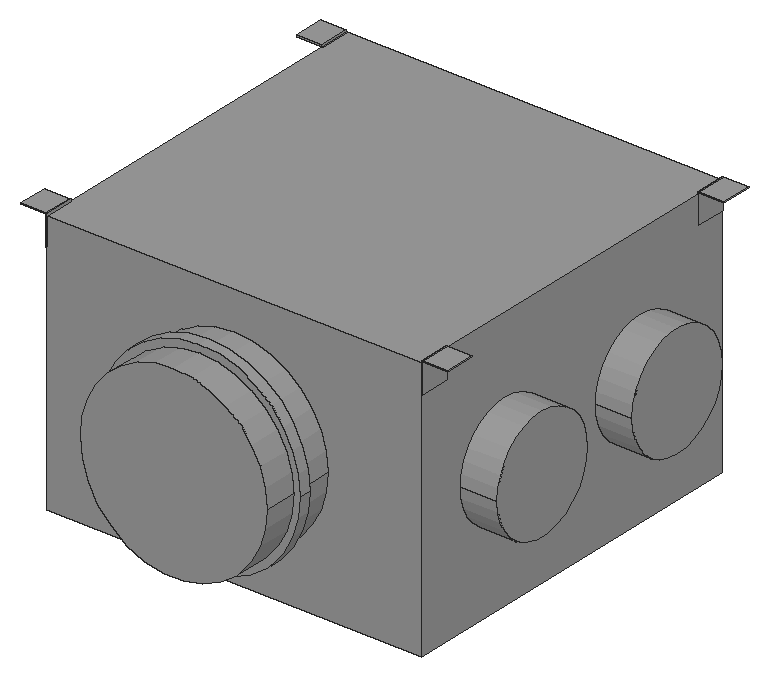
Revit family "FASU(F4-150 250Φ)", category ダクト付属品, Revit 2021
Family settings
  丸型コネクタ寸法 = 直径を使用
  パーツ タイプ = ダンパー
  OmniClass 番号 = 23.75.00.00
  OmniClass タイトル = Climate Control (HVAC)
  作業面ベース = いいえ
  常に垂直 = はい
  ロード時にボイドで切り取り = いいえ
  共有 = いいえ
Parameters
  高さ = 350 mm
  風量 = 0.0 L/s
  符号 = "FASU"
  形式 = "F4-150 250φ"
  幅 [instance] = 500 mm
  奥行き = 500 mm
  大きさ = 250 mm
  呼称 = "FASUチャンバー"
  付属品_下端レベル [instance] = 0 mm
  マテリアル [instance] = 既定値
  ダクト_イン = 250 mm
  ダクト_アウト = 150 mm
  既定の高さ = 0 mm
Reference planes
  plane 1 "中心(正面/背面)": y = 0
  plane 2: z = 0
  plane 3 "中心(左/右)": x = 0
  plane 4: x = -250
  plane 5: x = 250
  plane 6: y = -500
  plane 7: z = 350
  plane 8: z = 175
  plane 9: z = 266.963
  plane 10: z = 86.159
  plane 11: x = -125
  plane 12: x = 125
  plane 13: x = -135
  plane 14: x = 135
  plane 15: x = -251
  plane 16: z = 313.122
  plane 17: z = 352.122
  plane 18: y = -250
Forms (mm)
  Extrusion 1, solid, material "既定値" <- "マテリアル"
    sketch origin (0, 0, 0) x (1, 0, 0) y (0, 1, 0)
      loop
        line (-250, 0) -> (-250, -500) -> (250, -500) -> (250, 0) -> (-250, 0)
    from 0 to 350
  Extrusion 2, solid, material "既定値" <- "マテリアル"
    sketch origin (0, -30, 0) x (1, 0, 0) y (0, 0, 1)
      loop
        circle (0, 175) r 125
    from 470 to 512.5
  Extrusion 3, solid, material "既定値" <- "マテリアル"
    sketch origin (0, -30, 0) x (1, 0, 0) y (0, 0, 1)
      loop
        circle (0, 175) r 135
    from 512.5 to 527.5
  Extrusion 4, solid, material "既定値" <- "マテリアル"
    sketch origin (0, -117.5, 0) x (1, 0, 0) y (0, 0, 1)
      loop
        circle (0, 175) r 125
    from 440 to 482.5
  Extrusion 5, solid, material "既定値" <- "マテリアル"
    sketch origin (0, -30, 0) x (0, 1, 0) y (0, 0, 1)
      loop
        circle (-332.5, 175) r 74.985
    from -300 to -250
  Extrusion 6, solid, material "既定値" <- "マテリアル"
    sketch origin (550, -30, 0) x (0, 1, 0) y (0, 0, 1)
      loop
        circle (-332.5, 175) r 74.985
    from -300 to -250
  Extrusion 7, solid, material "既定値" <- "マテリアル"
    sketch origin (0, -30, 0) x (1, 0, 0) y (0, 1, 0)
      loop
        line (-250, 30) -> (-251, 30) -> (-251, -10) -> (-250, -10) -> (-250, 30)
    from 313.122 to 350
  Extrusion 8, solid, material "既定値" <- "マテリアル"
    sketch origin (0, -30, 0) x (1, 0, 0) y (0, 1, 0)
      loop
        line (-285, 30) -> (-285, -10) -> (-251, -10) -> (-251, 30) -> (-285, 30)
    from 352.122 to 350
  Extrusion 9, solid, material "既定値" <- "マテリアル"
    sketch origin (0, -30, 0) x (-1, 0, 0) y (0, -1, 0)
      loop
        line (-250, -30) -> (-250, 10) -> (-251, 10) -> (-251, -30) -> (-250, -30)
    from 313.122 to 353.122
  Extrusion 10, solid, material "既定値" <- "マテリアル"
    sketch origin (0, -30, 0) x (-1, 0, 0) y (0, -1, 0)
      loop
        line (-285, -30) -> (-251, -30) -> (-251, 10) -> (-285, 10) -> (-285, -30)
    from 352.122 to 353.122
  Extrusion 11, solid, material "既定値" <- "マテリアル"
    sketch origin (0, -490, 0) x (1, 0, 0) y (0, 1, 0)
      loop
        line (-285, 30) -> (-285, -10) -> (-251, -10) -> (-251, 30) -> (-285, 30)
    from 352.122 to 353.122
  Extrusion 12, solid, material "既定値" <- "マテリアル"
    sketch origin (0, -490, 0) x (1, 0, 0) y (0, 1, 0)
      loop
        line (-250, 30) -> (-251, 30) -> (-251, -10) -> (-250, -10) -> (-250, 30)
    from 313.122 to 353.122
  Extrusion 13, solid, material "既定値" <- "マテリアル"
    sketch origin (0, -490, 0) x (-1, 0, 0) y (0, -1, 0)
      loop
        line (-285, -30) -> (-251, -30) -> (-251, 10) -> (-285, 10) -> (-285, -30)
    from 352.122 to 353.122
  Extrusion 14, solid, material "既定値" <- "マテリアル"
    sketch origin (0, -490, 0) x (-1, 0, 0) y (0, -1, 0)
      loop
        line (-250, -30) -> (-250, 10) -> (-251, 10) -> (-251, -30) -> (-250, -30)
    from 313.122 to 353.122
  Extrusion 15, solid, material "既定値" <- "マテリアル"
    sketch origin (550, -470, 0) x (0, -1, 0) y (0, 0, -1)
      loop
        circle (-332.5, -175) r 74.985
    from -300 to -250
  Extrusion 16, solid, material "既定値" <- "マテリアル"
    sketch origin (-550, -470, 0) x (0, -1, 0) y (0, 0, 1)
      loop
        circle (-332.5, 175) r 74.985
    from -300 to -250
Lines and regions (mm)
  model lines
    curve 1: line (-250, -30, 0) -> (250, -30, 0)
    curve 2: line (-250, -470, 0) -> (250, -470, 0)
Text (mm)
  text "FASU(F4-150 250Φ)" at (120.822, -450.782, 0), in view "参照レベル"
Dimensions and locks
  equal spacing: plane 4, plane 3 "中心(左/右)", plane 5
  "幅": plane 4 to plane 5
  "奥行き": plane 6 to plane 1 "中心(正面/背面)"
  "高さ": plane 7 to level
  equal spacing: plane 7, plane 8, level
  equal spacing: plane 6, plane 18, plane 1 "中心(正面/背面)"
  aligned and locked: level to plane 2
  aligned and locked: Extrusion 1 sketch curve to plane 5
  aligned and locked: plane 7 to Extrusion 1
  aligned and locked: plane 4 to Extrusion 5
  aligned and locked: Extrusion 6 to plane 5
  aligned and locked: Extrusion 7 sketch curve to Extrusion 1
  aligned and locked: plane 7 to Extrusion 7
  aligned and locked: Extrusion 8 sketch curve to Extrusion 7
  aligned and locked: Extrusion 7 to Extrusion 8 sketch curve
  aligned and locked: plane 7 to Extrusion 8
  aligned and locked: Extrusion 8 to plane 17
  aligned and locked: Extrusion 9 to Extrusion 10 sketch curve
  aligned and locked: Extrusion 10 sketch curve to Extrusion 9
  aligned and locked: Extrusion 3 to Extrusion 4
  aligned and locked: Extrusion 3 to Extrusion 2
  aligned and locked: Extrusion 1 to Extrusion 13
  aligned and locked: Extrusion 11 to Extrusion 1
  aligned and locked: Extrusion 12 to Extrusion 1
  aligned and locked: Extrusion 1 to Extrusion 14
  aligned and locked: Extrusion 14 to Extrusion 13
  aligned and locked: Extrusion 12 to Extrusion 11
  aligned and locked: plane 4 to Extrusion 12
  aligned and locked: Extrusion 14 to plane 5
  aligned and locked: plane 4 to curve 1
  aligned and locked: plane 5 to curve 1
  aligned and locked: plane 5 to curve 2
  aligned and locked: plane 4 to curve 2
  aligned and locked: Extrusion 1 to Extrusion 8
  aligned and locked: Extrusion 10 to Extrusion 1
  aligned and locked: Extrusion 9 to plane 5
  aligned and locked: Extrusion 1 to plane 6
  aligned and locked: Extrusion 1 to plane 1 "中心(正面/背面)"
  aligned and locked: plane 6 to Extrusion 2
  aligned and locked: Extrusion 15 to plane 5
  aligned and locked: plane 4 to Extrusion 16
Automatic sketch dimensions
  plane 6 to curve 2 = 30 mm
  plane 1 "中心(正面/背面)" to curve 1 = 30 mm
  Extrusion 1 sketch curve to plane 4 = 0 mm
  Extrusion 1 sketch curve to plane 6 = 0 mm
  plane 1 "中心(正面/背面)" to Extrusion 1 sketch curve = 0 mm
  Extrusion 2 sketch curve to plane 3 "中心(左/右)" = 0 mm
  Extrusion 2 sketch curve to plane 8 = 0 mm
  Extrusion 3 sketch curve to plane 3 "中心(左/右)" = 0 mm
  Extrusion 3 sketch curve to plane 8 = 0 mm
  Extrusion 4 sketch curve to plane 3 "中心(左/右)" = 0 mm
  Extrusion 4 sketch curve to plane 8 = 0 mm
  Extrusion 5 sketch curve to plane 8 = 0 mm
  Extrusion 6 sketch curve to plane 8 = 0 mm
  plane 1 "中心(正面/背面)" to Extrusion 7 sketch curve = 0 mm
  Extrusion 7 sketch curve to plane 15 = 0 mm
  Extrusion 7 sketch curve to Extrusion 7 sketch curve = 40 mm
  plane 1 "中心(正面/背面)" to Extrusion 8 sketch curve = 0 mm
  Extrusion 8 sketch curve to Extrusion 8 sketch curve = 34 mm
  plane 1 "中心(正面/背面)" to Extrusion 9 sketch curve = 0 mm
  Extrusion 9 sketch curve to plane 5 = 0 mm
  Extrusion 9 sketch curve to Extrusion 9 sketch curve = 1 mm
  Extrusion 9 sketch curve to Extrusion 9 sketch curve = 40 mm
  plane 1 "中心(正面/背面)" to Extrusion 10 sketch curve = 0 mm
  Extrusion 10 sketch curve to Extrusion 10 sketch curve = 34 mm
  Extrusion 11 sketch curve to plane 6 = 0 mm
  Extrusion 11 sketch curve to plane 15 = 0 mm
  Extrusion 11 sketch curve to Extrusion 11 sketch curve = 34 mm
  Extrusion 12 sketch curve to plane 15 = 0 mm
  Extrusion 12 sketch curve to plane 4 = 0 mm
  Extrusion 12 sketch curve to plane 6 = 0 mm
  Extrusion 13 sketch curve to plane 6 = 0 mm
  Extrusion 13 sketch curve to plane 5 = 35 mm
  Extrusion 13 sketch curve to plane 5 = 1 mm
  Extrusion 14 sketch curve to plane 6 = 0 mm
  Extrusion 14 sketch curve to plane 5 = 0 mm
  Extrusion 14 sketch curve to Extrusion 14 sketch curve = 1 mm
  Extrusion 15 sketch curve to plane 8 = 0 mm
  plane 18 to Extrusion 15 sketch curve = 112.5 mm
  Extrusion 16 sketch curve to plane 8 = 0 mm
  plane 18 to Extrusion 16 sketch curve = 112.5 mm
  Extrusion 5 sketch curve to plane 18 = 112.5 mm
  Extrusion 6 sketch curve to plane 18 = 112.5 mm
  plane 6 to Extrusion 11 sketch curve = 40 mm
  plane 6 to Extrusion 12 sketch curve = 40 mm
  Extrusion 13 sketch curve to plane 6 = 40 mm
  Extrusion 14 sketch curve to plane 6 = 40 mm
  radius of Extrusion 2 sketch curve = 125 mm
  radius of Extrusion 3 sketch curve = 135 mm
  radius of Extrusion 4 sketch curve = 125 mm
  radius of Extrusion 5 sketch curve = 74.985 mm
  radius of Extrusion 6 sketch curve = 74.985 mm
  radius of Extrusion 15 sketch curve = 74.985 mm
  radius of Extrusion 16 sketch curve = 74.985 mm
Connectors
  hvac at (-300, -362.5, 175), driven by "ダクト_アウト"
    settings: on Extrusion 5, index 1, duct flow 0.0 L/s, flow factor 0, pres drop 0.0 Pa, loss coef 0, conn angle 0.00°, conn width 304.8 mm, conn height 304.8 mm, conn diameter 150 mm, duct sys type 29, conn prof type 0, flow config 0, flow direction 2, loss method 0, conn ref index -1, conn util no, is conn primary yes, conn desc ""
  hvac at (-300, -137.5, 175), driven by "ダクト_アウト"
    settings: on Extrusion 16, index 2, duct flow 0.0 L/s, flow factor 0, pres drop 0.0 Pa, loss coef 0, conn angle 0.00°, conn width 304.8 mm, conn height 304.8 mm, conn diameter 150 mm, duct sys type 29, conn prof type 0, flow config 0, flow direction 2, loss method 0, conn ref index -1, conn util no, is conn primary no, conn desc ""
  hvac at (300, -362.5, 175), driven by "ダクト_アウト"
    settings: on Extrusion 6, index 3, duct flow 0.0 L/s, flow factor 0, pres drop 0.0 Pa, loss coef 0, conn angle 0.00°, conn width 304.8 mm, conn height 304.8 mm, conn diameter 150 mm, duct sys type 29, conn prof type 0, flow config 0, flow direction 2, loss method 0, conn ref index -1, conn util no, is conn primary no, conn desc ""
  hvac at (300, -137.5, 175), driven by "ダクト_アウト"
    settings: on Extrusion 15, index 4, duct flow 0.0 L/s, flow factor 0, pres drop 0.0 Pa, loss coef 0, conn angle 0.00°, conn width 304.8 mm, conn height 304.8 mm, conn diameter 150 mm, duct sys type 29, conn prof type 0, flow config 0, flow direction 2, loss method 0, conn ref index -1, conn util no, is conn primary no, conn desc ""
  hvac at (0, -600, 175), driven by "ダクト_イン"
    settings: on Extrusion 4, index 5, duct flow 0.0 L/s, flow factor 0, pres drop 0.0 Pa, loss coef 0, conn angle 0.00°, conn width 304.8 mm, conn height 304.8 mm, conn diameter 250 mm, duct sys type 29, conn prof type 0, flow config 0, flow direction 1, loss method 0, conn ref index -1, conn util no, is conn primary no, conn desc ""
